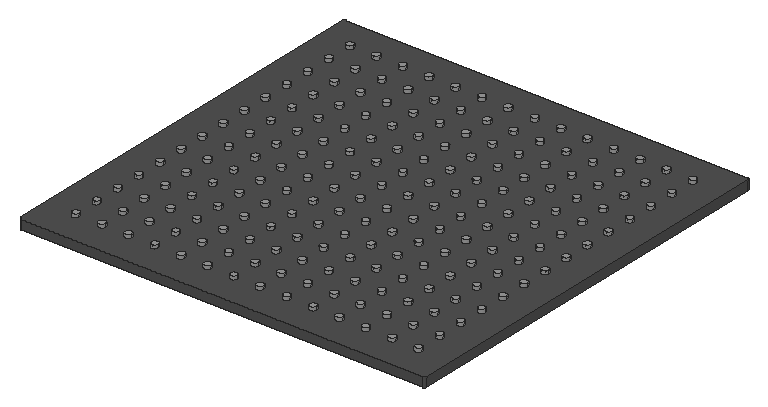
Revit family "Reece_Shower_Mizu_Bloc_Showerhead_Overhead_1 Function_300 mm", category Plumbing Fixtures, host Face, Revit 2018
Family settings
  Host = Face
  Round Connector Dimension = Use Diameter
  Part Type = Normal
  Cut with Voids When Loaded = No
  Shared = Yes
  Room Calculation Point = Yes
Parameters (values of type "Matte Black")
  WFU = 0  # constant formula
  URL = "https://www.reece.com.au/product/-9505047"
  Type Comments = "Shower"
  Reece_Shower_Inlet = 12 mm  # constant formula
  Reece_Product_Web Page = "https://www.reece.com.au/product/-9505047"
  Reece_Product_Type = "Shower"  # constant formula
  Reece_Product_Sub Brand = "Bloc"  # constant formula
  Reece_Product_Number = "9505047"
  Reece_Product_Mount = "Ceiling Mounted"
  Reece_Product_Description = "Mizu Bloc Overhead Shower 300mm Matte Black (3 Star)"
  Reece_Product_Brand = "Mizu"  # constant formula
  Reece_Overall_Width = 300 mm  # constant formula
  Reece_Overall_Length = 300 mm  # constant formula
  Reece_Overall_Height = 56 mm
  Reece_Material_Secondary [instance] = Reece_Plastic_ABS
  Reece_Material_Main [instance] = Reece_Brass_Matte Black
  Reece_Detail_Shape = "Square"  # constant formula
  Reece_Detail_Function = "1 Function"  # constant formula
  Reece_Detail_Disclaimer = "THIS FILE IS THE PROPERTY OF THE REECE GROUP. IT MAY NOT BE REPRODUCED, REVERSE-ENGINEERED OR MODIFIED. ANY REPUBLICATION, TRANSMISSION OR DISTRIBUTION FOR THE PURPOSE OF COMMERCIALLY EXPLOITING THE FILES IS PROHIBITED."  # constant formula
  Reece_Detail_Additional = "Overhead"  # constant formula
  Model = "Bloc"
  Manufacturer = "Mizu"
  Keynote = "Product #9505047, Reece_Shower_Mizu_Bloc_Showerhead_Overhead_1 Function_300 mm - Matte Black"
  HWFU = 0  # constant formula
  Disclaimer = "THIS FILE IS THE PROPERTY OF THE REECE GROUP. IT MAY NOT BE REPRODUCED, REVERSE-ENGINEERED OR MODIFIED. ANY REPUBLICATION, TRANSMISSION OR DISTRIBUTION FOR THE PURPOSE OF COMMERCIALLY EXPLOITING THE FILES IS PROHIBITED."  # constant formula
  Description = "Mizu Bloc Overhead Shower 300mm Matte Black (3 Star)"
  Default Elevation = 0 mm
  CWFU = 0  # constant formula
Types (2, lengths in mm): name | URL | Reece_Product_Web Page | Reece_Product_Number | Reece_Product_Description | Reece_Material_Main | Keynote | Description
  Matte Black | "https://www.reece.com.au/product/-9505047" | "https://www.reece.com.au/product/-9505047" | "9505047" | "Mizu Bloc Overhead Shower 300mm Matte Black (3 Star)" | Reece_Brass_Matte Black | "Product #9505047, Reece_Shower_Mizu_Bloc_Showerhead_Overhead_1 Function_300 mm - Matte Black" | "Mizu Bloc Overhead Shower 300mm Matte Black (3 Star)"
  Chrome | "https://www.reece.com.au/product/-9503924" | "https://www.reece.com.au/product/-9503924" | "9503924" | "Mizu Bloc Overhead Shower 300mm Chrome (3 Star)" | Reece_Brass_Chrome | "Product #9503924, Reece_Shower_Mizu_Bloc_Showerhead_Overhead_1 Function_300 mm - Chrome" | "Mizu Bloc Overhead Shower 300mm Chrome (3 Star)"
Reference planes
  plane 1 "Center (Front/Back)": y = 0
  plane 2: z = 0
  plane 3 "Center (Left/Right)": x = 0
  plane 4 "Overall Height": z = 58
  plane 5: x = -150
  plane 6: x = 150
  plane 7: y = 150
  plane 8: y = -150
  plane 9 "Center L/W": z = 56
  plane 10: y = 112.5
  plane 11: y = -112.5
Forms (mm)
  Extrusion 1, solid, material "Reece_Brass_Matte Black" <- "Reece_Material_Main"
    sketch origin (0, 0, 70.415) x (0, -1, 0) y (1, 0, 0)
      loop
        arc (-150, -148.2) -> (-149.473, -149.473) -> (-148.2, -150) r 1.8
        line (-148.2, -150) -> (148.2, -150)
        arc (148.2, -150) -> (149.473, -149.473) -> (150, -148.2) r 1.8
        line (150, -148.2) -> (150, 148.2)
        arc (150, 148.2) -> (149.473, 149.473) -> (148.2, 150) r 1.8
        line (148.2, 150) -> (-148.2, 150)
        arc (-148.2, 150) -> (-149.473, 149.473) -> (-150, 148.2) r 1.8
        line (-150, 148.2) -> (-150, -148.2)
    from -21.415 to -14.415
  Extrusion 2, solid, material "Reece_Plastic_ABS" <- "Reece_Material_Secondary", detail levels fine
    sketch origin (0, 0, 54.1) x (1, 0, 0) y (0, 1, 0)
      loop
        circle (9.75, -9.75) r 2.5
      loop
        circle (29.242, -9.75) r 2.5
      loop
        circle (48.766, -9.75) r 2.5
      loop
        circle (68.266, -9.75) r 2.5
      loop
        circle (87.758, -9.75) r 2.5
      loop
        circle (107.265, -9.75) r 2.5
      loop
        circle (126.743, -9.75) r 2.5
      loop
        circle (9.75, -29.25) r 2.5
      loop
        circle (29.242, -29.25) r 2.5
      loop
        circle (48.766, -29.25) r 2.5
      loop
        circle (68.266, -29.25) r 2.5
      loop
        circle (87.758, -29.25) r 2.5
      loop
        circle (107.265, -29.25) r 2.5
      loop
        circle (126.743, -29.25) r 2.5
      loop
        circle (9.75, -48.75) r 2.5
      loop
        circle (29.242, -48.75) r 2.5
      loop
        circle (48.766, -48.75) r 2.5
      loop
        circle (68.266, -48.75) r 2.5
      loop
        circle (87.758, -48.75) r 2.5
      loop
        circle (107.265, -48.75) r 2.5
      loop
        circle (126.743, -48.75) r 2.5
      loop
        circle (9.75, -68.25) r 2.5
      loop
        circle (29.242, -68.25) r 2.5
      loop
        circle (48.766, -68.25) r 2.5
      loop
        circle (68.266, -68.25) r 2.5
      loop
        circle (87.758, -68.25) r 2.5
      loop
        circle (107.265, -68.25) r 2.5
      loop
        circle (126.743, -68.25) r 2.5
      loop
        circle (9.75, -87.75) r 2.5
      loop
        circle (29.242, -87.75) r 2.5
      loop
        circle (48.766, -87.75) r 2.5
      loop
        circle (68.266, -87.75) r 2.5
      loop
        circle (87.758, -87.75) r 2.5
      loop
        circle (107.265, -87.75) r 2.5
      loop
        circle (126.743, -87.75) r 2.5
      loop
        circle (9.75, -107.25) r 2.5
      loop
        circle (29.242, -107.25) r 2.5
      loop
        circle (48.766, -107.25) r 2.5
      loop
        circle (68.266, -107.25) r 2.5
      loop
        circle (87.758, -107.25) r 2.5
      loop
        circle (107.265, -107.25) r 2.5
      loop
        circle (126.743, -107.25) r 2.5
      loop
        circle (9.75, -126.75) r 2.5
      loop
        circle (29.242, -126.75) r 2.5
      loop
        circle (48.766, -126.75) r 2.5
      loop
        circle (68.266, -126.75) r 2.5
      loop
        circle (87.758, -126.75) r 2.5
      loop
        circle (107.265, -126.75) r 2.5
      loop
        circle (126.743, -126.75) r 2.5
      loop
        circle (-9.75, -9.75) r 2.5
      loop
        circle (-29.242, -9.75) r 2.5
      loop
        circle (-48.766, -9.75) r 2.5
      loop
        circle (-68.266, -9.75) r 2.5
      loop
        circle (-87.758, -9.75) r 2.5
      loop
        circle (-107.265, -9.75) r 2.5
      loop
        circle (-126.743, -9.75) r 2.5
      loop
        circle (-9.75, -29.25) r 2.5
      loop
        circle (-29.242, -29.25) r 2.5
      loop
        circle (-48.766, -29.25) r 2.5
      loop
        circle (-68.266, -29.25) r 2.5
      loop
        circle (-87.758, -29.25) r 2.5
      loop
        circle (-107.265, -29.25) r 2.5
      loop
        circle (-126.743, -29.25) r 2.5
      loop
        circle (-9.75, -48.75) r 2.5
      loop
        circle (-29.242, -48.75) r 2.5
      loop
        circle (-48.766, -48.75) r 2.5
      loop
        circle (-68.266, -48.75) r 2.5
      loop
        circle (-87.758, -48.75) r 2.5
      loop
        circle (-107.265, -48.75) r 2.5
      loop
        circle (-126.743, -48.75) r 2.5
      loop
        circle (-9.75, -68.25) r 2.5
      loop
        circle (-29.242, -68.25) r 2.5
      loop
        circle (-48.766, -68.25) r 2.5
      loop
        circle (-68.266, -68.25) r 2.5
      loop
        circle (-87.758, -68.25) r 2.5
      loop
        circle (-107.265, -68.25) r 2.5
      loop
        circle (-126.743, -68.25) r 2.5
      loop
        circle (-9.75, -87.75) r 2.5
      loop
        circle (-29.242, -87.75) r 2.5
      loop
        circle (-48.766, -87.75) r 2.5
      loop
        circle (-68.266, -87.75) r 2.5
      loop
        circle (-87.758, -87.75) r 2.5
      loop
        circle (-107.265, -87.75) r 2.5
      loop
        circle (-126.743, -87.75) r 2.5
      loop
        circle (-9.75, -107.25) r 2.5
      loop
        circle (-29.242, -107.25) r 2.5
      loop
        circle (-48.766, -107.25) r 2.5
      loop
        circle (-68.266, -107.25) r 2.5
      loop
        circle (-87.758, -107.25) r 2.5
      loop
        circle (-107.265, -107.25) r 2.5
      loop
        circle (-126.743, -107.25) r 2.5
      loop
        circle (-9.75, -126.75) r 2.5
      loop
        circle (-29.242, -126.75) r 2.5
      loop
        circle (-48.766, -126.75) r 2.5
      loop
        circle (-68.266, -126.75) r 2.5
      loop
        circle (-87.758, -126.75) r 2.5
      loop
        circle (-107.265, -126.75) r 2.5
      loop
        circle (-126.743, -126.75) r 2.5
      loop
        circle (9.75, 9.75) r 2.5
      loop
        circle (29.242, 9.75) r 2.5
      loop
        circle (48.766, 9.75) r 2.5
      loop
        circle (68.266, 9.75) r 2.5
      loop
        circle (87.758, 9.75) r 2.5
      loop
        circle (107.265, 9.75) r 2.5
      loop
        circle (126.743, 9.75) r 2.5
      loop
        circle (9.75, 29.25) r 2.5
      loop
        circle (29.242, 29.25) r 2.5
      loop
        circle (48.766, 29.25) r 2.5
      loop
        circle (68.266, 29.25) r 2.5
      loop
        circle (87.758, 29.25) r 2.5
      loop
        circle (107.265, 29.25) r 2.5
      loop
        circle (126.743, 29.25) r 2.5
      loop
        circle (9.75, 48.75) r 2.5
      loop
        circle (29.242, 48.75) r 2.5
      loop
        circle (48.766, 48.75) r 2.5
      loop
        circle (68.266, 48.75) r 2.5
      loop
        circle (87.758, 48.75) r 2.5
      loop
        circle (107.265, 48.75) r 2.5
      loop
        circle (126.743, 48.75) r 2.5
      loop
        circle (9.75, 68.25) r 2.5
      loop
        circle (29.242, 68.25) r 2.5
      loop
        circle (48.766, 68.25) r 2.5
      loop
        circle (68.266, 68.25) r 2.5
      loop
        circle (87.758, 68.25) r 2.5
      loop
        circle (107.265, 68.25) r 2.5
      loop
        circle (126.743, 68.25) r 2.5
      loop
        circle (9.75, 87.75) r 2.5
      loop
        circle (29.242, 87.75) r 2.5
      loop
        circle (48.766, 87.75) r 2.5
      loop
        circle (68.266, 87.75) r 2.5
      loop
        circle (87.758, 87.75) r 2.5
      loop
        circle (107.265, 87.75) r 2.5
      loop
        circle (126.743, 87.75) r 2.5
      loop
        circle (9.75, 107.25) r 2.5
      loop
        circle (29.242, 107.25) r 2.5
      loop
        circle (48.766, 107.25) r 2.5
      loop
        circle (68.266, 107.25) r 2.5
      loop
        circle (87.758, 107.25) r 2.5
      loop
        circle (107.265, 107.25) r 2.5
      loop
        circle (126.743, 107.25) r 2.5
      loop
        circle (9.75, 126.75) r 2.5
      loop
        circle (29.242, 126.75) r 2.5
      loop
        circle (48.766, 126.75) r 2.5
      loop
        circle (68.266, 126.75) r 2.5
      loop
        circle (87.758, 126.75) r 2.5
      loop
        circle (107.265, 126.75) r 2.5
      loop
        circle (126.743, 126.75) r 2.5
      loop
        circle (-9.75, 9.75) r 2.5
      loop
        circle (-29.242, 9.75) r 2.5
      loop
        circle (-48.766, 9.75) r 2.5
      loop
        circle (-68.266, 9.75) r 2.5
      loop
        circle (-87.758, 9.75) r 2.5
      loop
        circle (-107.265, 9.75) r 2.5
      loop
        circle (-126.743, 9.75) r 2.5
      loop
        circle (-9.75, 29.25) r 2.5
      loop
        circle (-29.242, 29.25) r 2.5
      loop
        circle (-48.766, 29.25) r 2.5
      loop
        circle (-68.266, 29.25) r 2.5
      loop
        circle (-87.758, 29.25) r 2.5
      loop
        circle (-107.265, 29.25) r 2.5
      loop
        circle (-126.743, 29.25) r 2.5
      loop
        circle (-9.75, 48.75) r 2.5
      loop
        circle (-29.242, 48.75) r 2.5
      loop
        circle (-48.766, 48.75) r 2.5
      loop
        circle (-68.266, 48.75) r 2.5
      loop
        circle (-87.758, 48.75) r 2.5
      loop
        circle (-107.265, 48.75) r 2.5
      loop
        circle (-126.743, 48.75) r 2.5
      loop
        circle (-9.75, 68.25) r 2.5
      loop
        circle (-29.242, 68.25) r 2.5
      loop
        circle (-48.766, 68.25) r 2.5
      loop
        circle (-68.266, 68.25) r 2.5
      loop
        circle (-87.758, 68.25) r 2.5
      loop
        circle (-107.265, 68.25) r 2.5
      loop
        circle (-126.743, 68.25) r 2.5
      loop
        circle (-9.75, 87.75) r 2.5
      loop
        circle (-29.242, 87.75) r 2.5
      loop
        circle (-48.766, 87.75) r 2.5
      loop
        circle (-68.266, 87.75) r 2.5
      loop
        circle (-87.758, 87.75) r 2.5
      loop
        circle (-107.265, 87.75) r 2.5
      loop
        circle (-126.743, 87.75) r 2.5
      loop
        circle (-9.75, 107.25) r 2.5
      loop
        circle (-29.242, 107.25) r 2.5
      loop
        circle (-48.766, 107.25) r 2.5
      loop
        circle (-68.266, 107.25) r 2.5
      loop
        circle (-87.758, 107.25) r 2.5
      loop
        circle (-107.265, 107.25) r 2.5
      loop
        circle (-126.743, 107.25) r 2.5
      loop
        circle (-9.75, 126.75) r 2.5
      loop
        circle (-29.242, 126.75) r 2.5
      loop
        circle (-48.766, 126.75) r 2.5
      loop
        circle (-68.266, 126.75) r 2.5
      loop
        circle (-87.758, 126.75) r 2.5
      loop
        circle (-107.265, 126.75) r 2.5
      loop
        circle (-126.743, 126.75) r 2.5
    from 2 to 3.9
  Revolve 3, solid, material "Reece_Brass_Matte Black" <- "Reece_Material_Main"
    sketch origin (0, 0, 0) x (1, 0, 0) y (0, 0, 1)
      loop
        line (16.5, 49) -> (0, 49) -> (0, 0) -> (12, 0) -> (12, 15) -> (8, 15) -> (7.601, 17.522) -> (9.726, 19.491) -> (14.533, 19.491)
        arc (14.533, 19.491) -> (15.924, 20.067) -> (16.5, 21.458) r 1.967
        line (16.5, 21.458) -> (16.5, 49)
      axis (0, 49) -> (0, 0)
    angle from 0 to 360
  Extrusion 4, void
    sketch origin (0, 0, 0) x (1, 0, 0) y (0, 0, 1)
      loop
        line (-5.657, 24.1) -> (-5.657, 18.5) -> (5.657, 18.5) -> (5.657, 24.1) -> (-5.657, 24.1)
    from 15.328 to 16.956
  Extrusion 5, void
    sketch origin (0, 0, 0) x (1, 0, 0) y (0, 0, -1)
      loop
        line (-5.657, -24.1) -> (5.657, -24.1) -> (5.657, -18.5) -> (-5.657, -18.5) -> (-5.657, -24.1)
    from 15.328 to 16.956
  Extrusion 6, void
    sketch origin (0, 0, 0) x (1, 0, 0) y (0, 0, 1)
      loop
        line (-4.039, 8) -> (-4.039, 0) -> (4.039, 0) -> (4.039, 8) -> (-4.039, 8)
    from 10.935 to 12.992
  Extrusion 7, void
    sketch origin (0, 0, 0) x (1, 0, 0) y (0, 0, -1)
      loop
        line (-4.039, -8) -> (4.039, -8) -> (4.039, 0) -> (-4.039, 0) -> (-4.039, -8)
    from 10.935 to 12.992
Cuts and joins
  Extrusion 6, Extrusion 7 cuts Extrusion 1
  Extrusion 4, Extrusion 5, Extrusion 6, Extrusion 7 cuts Revolve 3
  joined: Extrusion 1, Revolve 3
Text (mm)
  text "Reece Copyright © 2018, Reece Ltd." at (-684.407, -223.434, 0), in view "Ref. Level"
  text "Reece ©" at (290.323, 26.521, 334.836), in view "Reece_Preview"
Dimensions and locks
  equal spacing: plane 8, plane 1 "Center (Front/Back)", plane 7
  equal spacing: plane 5, plane 3 "Center (Left/Right)", plane 6
  "Reece_Overall_Length": plane 5 to plane 6
  "Reece_Overall_Width": plane 7 to plane 8
  "Reece_Overall_Height": plane 9 "Center L/W" to plane 2
  plane 4 "Overall Height" to plane 9 "Center L/W" = 2 mm
  plane 11 to plane 10 = 225 mm  (x2)
  aligned and locked: host face to plane 2
  aligned and locked: level to host face
  aligned and locked: plane 4 "Overall Height" to Extrusion 2
Automatic sketch dimensions
  host sketch curve to host sketch curve = 400 mm  (x2)
  Extrusion 1 sketch curve to plane 7 = 0 mm
  Extrusion 1 sketch curve to plane 6 = 0 mm
  Extrusion 1 sketch curve to plane 5 = 0 mm
  plane 8 to Extrusion 1 sketch curve = 0 mm
  Extrusion 1 sketch curve to plane 7 = 1.8 mm
  plane 5 to Extrusion 1 sketch curve = 1.8 mm
  Extrusion 1 sketch curve to plane 8 = 1.8 mm  (x2)
  Extrusion 4 sketch curve to plane 3 "Center (Left/Right)" = 5.657 mm
  plane 3 "Center (Left/Right)" to Extrusion 4 sketch curve = 5.657 mm
  level to Extrusion 4 sketch curve = 18.5 mm
  Extrusion 4 sketch curve to Extrusion 4 sketch curve = 5.6 mm
  Extrusion 5 sketch curve to plane 3 "Center (Left/Right)" = 5.657 mm
  plane 3 "Center (Left/Right)" to Extrusion 5 sketch curve = 5.657 mm
  level to Extrusion 5 sketch curve = 24.1 mm
  Extrusion 5 sketch curve to Extrusion 5 sketch curve = 5.6 mm
  plane 5 to Extrusion 2 sketch curve = 23.257 mm  (x4)
  Extrusion 2 sketch curve to plane 1 "Center (Front/Back)" = 9.75 mm  (x14)
  Extrusion 2 sketch curve to Extrusion 2 sketch curve = 0 mm  (x146)
  plane 1 "Center (Front/Back)" to Extrusion 2 sketch curve = 9.75 mm  (x14)
  Extrusion 2 sketch curve to Extrusion 2 sketch curve = 19.477 mm  (x28)
  Extrusion 2 sketch curve to Extrusion 2 sketch curve = 19.507 mm  (x8)
  Extrusion 2 sketch curve to Extrusion 2 sketch curve = 19.492 mm  (x42)
  Extrusion 2 sketch curve to Extrusion 2 sketch curve = 19.5 mm  (x98)
  Extrusion 2 sketch curve to Extrusion 2 sketch curve = 19.525 mm  (x10)
  Extrusion 2 sketch curve to plane 3 "Center (Left/Right)" = 9.75 mm  (x14)
  plane 3 "Center (Left/Right)" to Extrusion 2 sketch curve = 9.75 mm  (x14)
  Revolve 3 sketch curve to plane 3 "Center (Left/Right)" = 0 mm  (x2)
  Revolve 3 sketch curve to level = 0 mm
  plane 3 "Center (Left/Right)" to Revolve 3 sketch curve = 8 mm
  plane 3 "Center (Left/Right)" to Revolve 3 sketch curve = 12 mm
  Revolve 3 sketch curve to Revolve 3 sketch curve = 4.807 mm
  Revolve 3 sketch curve to plane 9 "Center L/W" = 7 mm
  plane 3 "Center (Left/Right)" to Revolve 3 sketch curve = 16.5 mm
  level to Revolve 3 sketch curve = 15 mm
  Revolve 3 sketch curve to Revolve 3 sketch curve = 4.491 mm
  Revolve 3 sketch curve to Revolve 3 sketch curve = 58.795 mm
  plane 4 "Overall Height" to Revolve 3 sketch curve = 22.048 mm
  Revolve 3 sketch curve to Revolve 3 sketch curve = 0.399 mm
  Revolve 3 sketch curve to Revolve 3 sketch curve = 2.522 mm
  Revolve 3 sketch curve to Revolve 3 sketch curve = 2.126 mm
  Extrusion 6 sketch curve to level = 0 mm
  Extrusion 6 sketch curve to plane 3 "Center (Left/Right)" = 4.039 mm
  plane 3 "Center (Left/Right)" to Extrusion 6 sketch curve = 4.039 mm
  Extrusion 6 sketch curve to Extrusion 6 sketch curve = 8 mm
  Extrusion 7 sketch curve to level = 0 mm
  Extrusion 7 sketch curve to plane 3 "Center (Left/Right)" = 4.039 mm
  plane 3 "Center (Left/Right)" to Extrusion 7 sketch curve = 4.039 mm
  Extrusion 7 sketch curve to Extrusion 7 sketch curve = 8 mm
  radius of Extrusion 2 sketch curve = 2.5 mm  (x196)
Connectors
  piping at (0, 6.353, 0), diameter 12, driven by "Reece_Shower_Inlet"
    settings: on cut or joined group of Extrusion 1, Revolve 3, Extrusion 4, Extrusion 5, Extrusion 6, Extrusion 7, index 1, connector inside diameter 609.6 mm, connector length 0 mm, flow factor 0, pipe flow 0.0 L/s, pressure drop 0.0 Pa, fitting loss kfactor 0, connector angle 0.00°, fixture units 0, engagement length 0 mm, angle of deflection 0.00°, flow configuration 0, flow direction 1, fitting loss method 0, system type 29, joint type 0, gender type 0, connector reference index -1, connector utility 0, adjustable connector no, is connector primary yes, connector description ""
